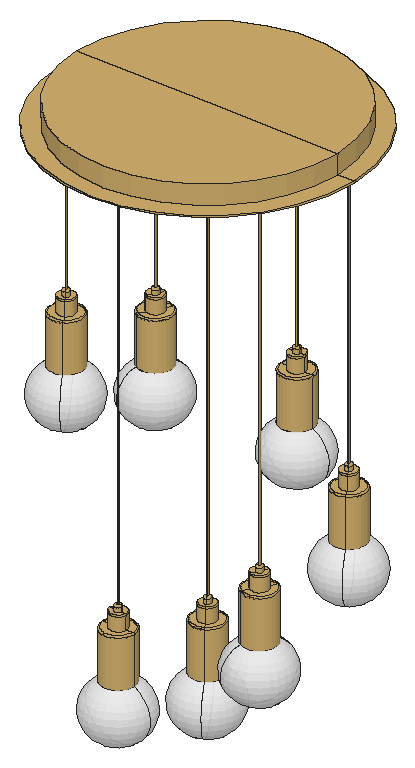
Revit family "Primo 3-674-xx e", category Lighting Fixtures, host Ceiling, Revit 2020
Family settings
  Host = Ceiling
  Round Connector Dimension = Use Diameter
  Part Type = Normal
  OmniClass Number = 23.80.70.11
  OmniClass Title = Luminaries for Internal Lighting
  Always vertical = Yes
  Cut with Voids When Loaded = No
  Light Source = Yes
  Shared = No
  Room Calculation Point = No
Parameters (values of type "37-674-40 / Aged Brass")
  Wattage Comments = "7 x 18.77 W at 120 V"  # constant formula
  Wattage = 18.77 W
  built-in parameter 1150110 = 1 (stored number, unit not read)
  Voltage Input = "120 V or 277 V - 50/60 Hz"  # constant formula
  Voltage = 277 V
  URL = "www.oxygenlighting.com"
  built-in parameter 1114217 = 1 (stored number, unit not read)
  Tilt Angle = 90.00°
  built-in parameter 1150109 = 1 (stored number, unit not read)
  built-in parameter 1150134 = (empty or 0)
  built-in parameter 1150113 = 1 (stored number, unit not read)
  References = "Ref. 3 = 120 V / Ref. 37 = 277 V"  # constant formula
  Photometric Web File = "3-674-40 Primo Pendant.ies"
  Model = "3-674-xx / Primo Pendants"  # constant formula
  Metal Finish = 40 - Aged Brass
  Manufacturer = "Oxygen - Lighting & Fans"  # constant formula
  Main Diffuser = Clear Glass
  Lumens = 630.672 lm
  built-in parameter 1150115 = 1 (stored number, unit not read)
  built-in parameter 1150105 = 630.67 (stored number, unit not read)
  built-in parameter 1150137 = (empty or 0)
  built-in parameter 1150139 = (empty or 0)
  built-in parameter 1150112 = 1 (stored number, unit not read)
  built-in parameter 1150114 = 1 (stored number, unit not read)
  Lamp = "LED Array"  # constant formula
  built-in parameter 1150132 = (empty or 0)
  built-in parameter 1150102 = (empty or 0)
  built-in parameter 1150138 = (empty or 0)
  built-in parameter 1150107 = 3000 (stored number, unit not read)
  built-in parameter 1150106 = 6.3067 (stored number, unit not read)
  built-in parameter 1150104 = 3.1215 (stored number, unit not read)
  Dimming Lamp Color Temperature Shift = <None>
  Default Elevation = 0 mm
  Color Filter = 16777215
  built-in parameter 1114218 = 1 (stored number, unit not read)
  built-in parameter 1150133 = 10 (stored number, unit not read)
Types (4, lengths in mm): name | Voltage | Metal Finish
  3-674-40 / Aged Brass | 120 V | 40 - Aged Brass
  3-674-24 / Satin Nickel | 120 V | 24 - Satin Nickel
  37-674-24 / Satin Nickel | 277 V | 24 - Satin Nickel
  37-674-40 / Aged Brass | 277 V | 40 - Aged Brass
Reference planes
  plane 1 "Light Source Axis (F/B)": y = 0
  plane 2: z = 0
  plane 3 "Light Source Axis (L/R)": x = 0
  plane 4 "Ceiling": z = 4000
  plane 5 "Light Source Elevation": z = 3109.578
Dimensions and locks
  equal spacing: host sketch curve, plane 3 "Light Source Axis (L/R)", host sketch curve
  equal spacing: host sketch curve, plane 1 "Light Source Axis (F/B)", host sketch curve
  host sketch curve to host sketch curve = 4000 mm  (x2)
  plane 4 "Ceiling" to host ceiling = 0 mm
  locked: plane 5 "Light Source Elevation" to plane 4 "Ceiling" at 890.422
  aligned and locked: plane 3 "Light Source Axis (L/R)" to imposter light
  aligned and locked: plane 1 "Light Source Axis (F/B)" to imposter light
  aligned and locked: plane 5 "Light Source Elevation" to imposter light
  aligned and locked: plane 3 "Light Source Axis (L/R)" to nested 1
  aligned and locked: plane 1 "Light Source Axis (F/B)" to nested 1
Nested families
  nested 1: "Disk" at (0, 0, 4000), type "Disk"
  nested 2: "primo base" at (0, 172.5, 3968.25), type "primo base"
    with Lamp height 572.857 mm
  nested 3: "primo base" at (0, -172.5, 3968.25) x (-1, 0, 0) z (0, 0, 1), type "primo base"
    with Lamp height 778.874 mm
  nested 4: "primo base" at (-149.389, 86.25, 3968.25) x (0.5, 0.866, 0) z (0, 0, 1), type "primo base"
    with Lamp height 505.896 mm
  nested 5: "primo base" at (-149.389, -86.25, 3968.25) x (-0.5, 0.866, 0) z (0, 0, 1), type "primo base"
    with Lamp height 432.661 mm
  nested 6: "primo base" at (149.389, 86.25, 3968.25) x (-0.5, 0.866, 0) z (0, 0, 1), type "primo base"
    with Lamp height 644.918 mm
  nested 7: "primo base" at (149.389, -86.25, 3968.25) x (0.5, 0.866, 0) z (0, 0, 1), type "primo base"
    with Lamp height 709.631 mm
  nested 8: "primo base" at (0, 0, 3968.25) x (-0.5, 0.866, 0) z (0, 0, 1), type "primo base"
    with Lamp height 843.074 mm
Connectors
  electrical at (0, 0, 4000), driven by "Voltage"
    settings: on nested 1, index 1, voltage 277 V, apparent load 0 VA, apparent load phase1 0 VA, apparent load phase2 0 VA, apparent load phase3 0 VA, power factor 1, load classification "Other", number of poles 1, system type 31, power factor state 1, is connector primary yes, connector utility no, sub classification motor no, connector description ""
Definition of nested family "Disk"
  Parameters (values of type "Disk")
    Material = none
    Default Elevation = 0 mm
  Reference planes
    plane 1 "Center (Front/Back)": y = 0
    plane 2: z = 0
    plane 3 "Center (Left/Right)": x = 0
  Forms (mm)
    Revolve 1, solid, material <- "Material"
      sketch origin (0, 0, 0) x (1, 0, 0) y (0, 0, 1)
        loop
          line (0, 0) -> (-201.753, 0) -> (-201.753, -29.537) -> (-227.153, -29.537) -> (-227.153, -31.75) -> (0, -31.75) -> (0, 0)
        axis (0, 0) -> (0, -31.75)
      angle from 0 to 360
  Dimensions and locks
    aligned and locked: level to plane 2
    aligned and locked: Revolve 1 sketch curve to plane 3 "Center (Left/Right)"
Definition of nested family "primo base"
  Parameters (values of type "primo base")
    Wire Material = none
    Metal finish = none
    Main Diffuser = none
    Lamp height [instance] = 620 mm
    Default Elevation = 0 mm
  Reference planes
    plane 1 "Center (Front/Back)": y = 0
    plane 2: z = 0
    plane 3 "Center (Left/Right)": x = 0
    plane 4: z = -534.034
    plane 5: z = -620
  Forms (mm)
    Revolve 1, solid, material <- "Wire Material"
      sketch origin (0, 0, 0) x (1, 0, 0) y (0, 0, 1)
        loop
          line (0, 0) -> (-7.765, 0) -> (-7.765, -1.12)
          arc (-7.765, -1.12) -> (-5.107, -1.516) -> (-3.435, -3.62) r 3.663
          line (-3.435, -3.62) -> (-2.651, -3.62) -> (-2.651, -10.91) -> (-1.046, -10.91) -> (-1.046, -428.115) -> (-2.647, -428.115)
          arc (-2.647, -428.115) -> (-4.174, -428.748) -> (-4.807, -430.274) r 2.159
          line (-4.807, -430.274) -> (-4.807, -436.92) -> (-12.462, -436.92) -> (-12.462, -438.818) -> (0, -438.818) -> (0, 0)
        axis (0, 0) -> (0, -438.818)
      angle from 0 to 360
    Revolve 2, solid, material <- "Metal finish"
      sketch origin (0, 0, -60) x (1, 0, 0) y (0, 0, 1)
        loop
          line (0, -378.818) -> (-12.462, -378.818) -> (-12.462, -399.779) -> (-23.108, -399.779)
          arc (-23.108, -399.779) -> (-24.355, -400.296) -> (-24.871, -401.542) r 1.763
          line (-24.871, -401.542) -> (-24.871, -474.034) -> (0, -474.034) -> (0, -378.818)
        axis (0, -378.818) -> (0, -474.034)
      angle from 0 to 360
  Dimensions and locks
    locked: Revolve 1 sketch curve to Revolve 1 sketch curve at 10.703
    locked: Revolve 1 sketch curve to Revolve 1 sketch curve at 10.91
    locked: Revolve 2 sketch curve to Revolve 2 sketch curve at 95.216
    locked: Revolve 2 sketch curve to Revolve 2 sketch curve at 20.961
    locked: plane 4 to plane 5 at 85.966
    locked: Revolve 1 sketch curve to Revolve 1 sketch curve at 8.805
    "Lamp height": plane 2 to plane 5
    aligned and locked: level to plane 2
    aligned and locked: plane 4 to Revolve 2
    aligned and locked: Revolve 2 to Revolve 1
    aligned and locked: plane 3 "Center (Left/Right)" to nested 1
    aligned and locked: plane 1 "Center (Front/Back)" to nested 1
    aligned and locked: plane 4 to nested 1
  Automatic sketch dimensions
    Revolve 1 sketch curve to level = 0 mm
    Revolve 1 sketch curve to plane 3 "Center (Left/Right)" = 0 mm  (x2)
    Revolve 1 sketch curve to plane 3 "Center (Left/Right)" = 1.046 mm
    Revolve 1 sketch curve to Revolve 1 sketch curve = 1.601 mm
    Revolve 1 sketch curve to Revolve 1 sketch curve = 1.605 mm
    Revolve 1 sketch curve to Revolve 1 sketch curve = 0.784 mm
    Revolve 1 sketch curve to plane 3 "Center (Left/Right)" = 4.807 mm
    Revolve 1 sketch curve to Revolve 1 sketch curve = 3.503 mm
    Revolve 1 sketch curve to Revolve 1 sketch curve = 0.827 mm
    Revolve 1 sketch curve to Revolve 1 sketch curve = 7.655 mm
    Revolve 1 sketch curve to plane 4 = 105.919 mm
    Revolve 1 sketch curve to level = 4.688 mm
    Revolve 1 sketch curve to level = 3.62 mm
    plane 4 to Revolve 1 sketch curve = 29.072 mm
    level to Revolve 1 sketch curve = 2214.315 mm
    Revolve 2 sketch curve to plane 4 = 0 mm
    Revolve 2 sketch curve to plane 3 "Center (Left/Right)" = 0 mm  (x2)
    Revolve 2 sketch curve to plane 3 "Center (Left/Right)" = 12.462 mm
    Revolve 2 sketch curve to Revolve 2 sketch curve = 10.646 mm
    Revolve 2 sketch curve to Revolve 2 sketch curve = 1.763 mm
    Revolve 2 sketch curve to plane 5 = 3.106 mm
    level to Revolve 2 sketch curve = 2154.315 mm
  Nested families
    nested 1: "Family3" at (0, 0, -534.034), type "Family3"
  Definition of nested family "Family3"
    Parameters
      Main Diffuser = none
      Default Elevation = 0 mm
    Reference planes
      plane 1 "Center (Front/Back)": y = 0
      plane 2: z = 0
      plane 3 "Center (Left/Right)": x = 0
    Forms (mm)
      Revolve 1, solid, material <- "Main Diffuser"
        sketch origin (0, 0, 351.829) x (1, 0, 0) y (0, 0, 1)
          loop
            line (0, -351.829) -> (-24.871, -351.829)
            spline (-24.871, -351.829) -> (-33.748, -357.711) -> (-41.02, -365.227) -> (-46.339, -374.018) -> (-49.45, -383.662) -> (-50.205, -393.696) -> (-48.566, -403.642) -> (-44.613, -413.021) -> (-38.535, -421.386) -> (-30.623, -428.335) -> (-21.256, -433.535) -> (-10.883, -436.737) -> (0, -437.789)
            line (0, -437.789) -> (0, -351.829)
          axis (0, -351.829) -> (0, -437.789)
        angle from 0 to 360
    Dimensions and locks
      aligned and locked: level to plane 2
